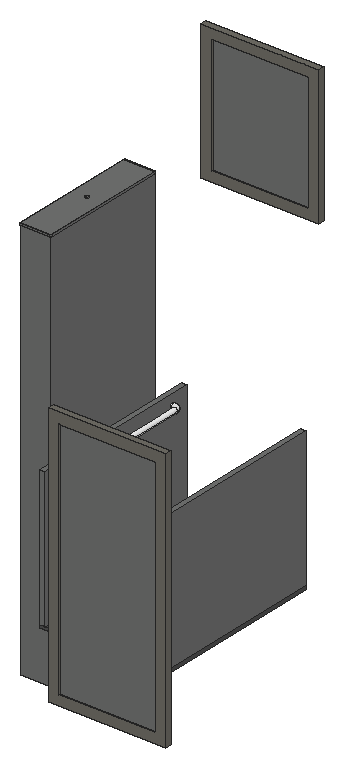
Revit family "Vertical-Lift_Garaventa_Genesis-Shaftway", category Specialty Equipment, Revit 2026
Family settings
  Round Connector Dimension = Use Diameter
  Part Type = Normal
  Classification Number = 23.50.05.11
  Work Plane-Based = No
  Enable Cutting in Views = No
  Always vertical = Yes
  Cut with Voids When Loaded = No
  Maintain Annotation Orientation = No
  Shared = No
  Room Calculation Point = No
Parameters
  Warranty Duration (Years) = 1
  Voltage_MEP [instance] = 120 V
  URL = "www.garaventa.ca"
  Style Door 35 [instance] = not(or(Style Door 41, F R Door 41, F R Door 35))  # yes
  Style Door 41 [instance] = no
  Specification = "http://www.arcat.com/sd/clients/garavent.html?coid=32685"
  SpecWizard = "http://www.arcat.com/specwizard/14425gar/index.htm?mf=&coid=32685"
  Side Wall [instance] = 16 Ga Galvanized Sheet Steel - Satin Gray
  Send Message = "http://admin.arcat.com/users.pl?action=UserEmail&company=Garaventa%20Lift&coid=32685&rep=133&fax=604-594-9915&mf="
  Sales Information = "http://architects.garaventa.ca/dealer/index.html"
  Product Properties = "http://www.arcat.com/bim/bim_info.pl?fn=Vertical-Lift_Garaventa_Genesis-Shaftway"
  Product Data = "http://www.arcat.com/arcatcos/cos32/arc32685.html"
  Pit Mount [instance] = no
  Pit Depth [instance] = if(Pit Mount, 3.000", 0.000")  # 0.000"
  Model = "As Specified in the Contract Documents"
  MasterFormat04 Keynote = "14 42 16"
  Mast [instance] = 16 Ga Galvanized Sheet Steel - Satin Gray
  Platform Base [instance] = Structural Steel - Black
  Panel Door [instance] = 16 Ga Galvanized Sheet Steel - Satin Gray
  Manufacturer's Notes = ""
  Manufacturer Website = "www.garaventa.ca"
  Manufacturer Phone - Toll Free = "800-663-6556"
  Manufacturer Phone = "604-594-0422 "
  Manufacturer Fax = "604-594-9915"
  Manufacturer Email = "tmorisset@garaventa.ca"
  Manufacturer Address = "P.O. Box 1769; Blaine; WA 98231-1769"
  Manufacturer = "Garaventa Lift"
  Maintenance Schedule (Months) = 0
  MEP Apparent Power [instance] = Voltage_MEP * MEP Amperage  # 2400 VA
  MEP Amperage [instance] = 20 A
  Lift Operation = "[10 fpm with Self-lubricating acme screw drive][17 fpm with Chain hydraulic]"
  Lift Height = 120.000"
  Keynote = "14425"
  Installation-Fabrication = "http://www.garaventa.ca/dsgn/Genesis_Vertical_Lift_Planning_Guide.pdf"
  Installation Phase = "Interior fixtures and fittings"
  Grab Rail [instance] = Chrome
  Framework [instance] = Extruded Aluminum - Champagne
  Frame Door [instance] = Extruded Aluminum - Champagne
  F R Door 41 [instance] = no
  F R Door 35 [instance] = no
  Expected Lifespan (Years) = 0
  Enclosure Panel [instance] = 16 Ga Galvanized Sheet Steel - Satin Gray
  Top Door [instance] = not(Top Gate)  # no
  Upp D Height [instance] = if(Top Gate, 42.125", 80.000")  # 42.125"
  R P [instance] = or([180º], [360ºAdj])  # yes
  R D Upp [instance] = or([90º], [360ºOpp])  # no
  Platform Width = 36.000"
  Platform Length = 54.000"
  Platform Height = 42.125"  # constant formula
  Platform Elevation [instance] = 20.000"
  Mast Height = 122.375"
  Half Door Width [instance] = Door Width / 2  # 17.8125"
  F D Low [instance] = or([90º], [180º], [360ºAdj])  # yes
  Top Gate [instance] = yes
  Drawn By = "Robert S. Weygant, CSI, CDT, SCIP"
  Door Width [instance] = if(F R Door 41, 41.625", if(Style Door 41, 41.125", 35.625"))  # 35.625"
  Low D Height = 80.000"  # constant formula
  Door Level [instance] = if(Pit Mount, 0.000", 3.000")  # 3.000"
  Door Center [instance] = Platform CL Dimension - (Shaftway Width / 2)  # 7.5625"
  Platform CL Dimension [instance] = if(or(Style Door 41, Style Door 35), CL Style Doors, CL F R Doors)  # 35.125"
  Shaftway Width = 55.125"
  Shaftway Length = 55.375"
  Description = "Vertical Wheelchair lift - Type as Specified in the Contract Documents"
  Default Elevation = 0.000"
  Copyright = "2009 ARCAT, Inc."
  Construction Details = "http://www.arcat.com/details/garavent/prod0608.html"
  Capacity (Weight) = 750.00 lbf
  CL Style Doors = 35.125"
  CL F R Doors = 40.000"
  Building Code Conformance = "[ASME A18.1; ASME A17.1; ASME A17.5; NFPA 70][CSA B355; CSA B44.1/ASME A17.5; CSA National Electrical Code]"
  B P [instance] = or([90º], [360ºOpp], [360ºAdj])  # no
  Assembly Code = "D1010310"
  ADA Compliant = yes
  90º = no
  360ºOpp = no
  360ºAdj = no
  180º = yes
Reference planes (in)
  plane 1 "Center (Front/Back)": y = 0
  plane 2 "Bottom Door": z = 3
  plane 3 "Center (Left/Right)": x = 0
  plane 4: y = 27
  plane 5: y = -27
  plane 6: x = -15.3125
  plane 7: x = 22.1875
  plane 8 "Right": x = 27.5625
  plane 9 "Left": x = -27.5625
  plane 10 "Back": y = 27.6875
  plane 11: x = -27.0625
  plane 12: x = 20.6875
  plane 13 "Platform Bottom": z = 20
  plane 14: z = 21
  plane 15 "Platform Top": z = 63.125
  plane 16: y = 25.5
  plane 17 "Front": y = -27.6875
  plane 18: x = -17.8125
  plane 19: y = -19.625
  plane 20: y = 19.625
  plane 21 "Top Mast": z = 122.375
  plane 22: y = -25.5
  plane 23: z = 122.875
  plane 24 "Grab Rail Level": z = 60
  plane 25 "Left Int": x = -13.8125
  plane 26: x = 25.375
  plane 27 "Top Low Door": z = 83
  plane 28: x = -10.25
  plane 29: x = -9.875
  plane 30: x = -8.89
  plane 31: x = -8.375
  plane 32 "Door Center": x = 7.5625
  plane 33: x = -7.125
  plane 34: x = 25
  plane 35: x = 24.015
  plane 36: x = 23.5
  plane 37: x = 22.25
  plane 38: y = 29.8125
  plane 39: y = 32.9375
  plane 40: y = 62.3125
  plane 41: y = 65.4375
  plane 42: y = 27.9375
  plane 43: y = -30.0625
  plane 44: y = -33.1875
  plane 45: y = -62.5625
  plane 46: y = -65.6875
  plane 47: y = -27.25
  plane 48: x = 7.5625
  plane 49: y = 10.125
  plane 50: y = -25.062
  plane 51: y = -24.062
  plane 52: y = -23.625
  plane 53: y = -22.375
  plane 54: y = 7
  plane 55: x = 29.93736
  plane 56: x = 33.06236
  plane 57: x = 62.43736
  plane 58: x = 65.56236
  plane 59: x = 28.06236
  plane 60 "Bottom Upp Level": z = 120
  plane 61: x = 28.49986
  plane 62: x = 29.49986
  plane 63: y = 28.3755
  plane 64: y = 29.3755
  plane 65 "Top Upp Door": z = 162.125
  plane 66: z = 0
  plane 67: y = -29.625
  plane 68 "Bottom": z = 0
  plane 69: x = -11.6125
  plane 70: y = -21.125
  plane 71: y = 21.125
  plane 72: y = -28.1875
  plane 73: y = -28.625
Forms (in)
  Extrusion 1, solid, material "Structural Steel - Black" <- "Platform Base"
    sketch origin (-7.8125, 5.625, 0) x (1, 0, 0) y (0, 1, 0)
      loop
        line (-7.5, 21.375) -> (-7.5, -32.625) -> (30, -32.625) -> (30, 21.375) -> (-7.5, 21.375)
    from 20 to 21
  Extrusion 2, solid, material "16 Ga Galvanized Sheet Steel - Satin Gray" <- "Side Wall"
    sketch origin (0, 0, 0) x (1, 0, 0) y (0, 1, 0)
      loop
        line (-13.8125, -27) -> (-13.8125, 27) -> (-15.3125, 27) -> (-15.3125, -27) -> (-13.8125, -27)
    from 21 to 63.125
  Extrusion 3, solid, material "16 Ga Galvanized Sheet Steel - Satin Gray" <- "Side Wall", visible <- "R P"
    sketch origin (0, 0, 0) x (-1, 0, 0) y (0, -1, 0)
      loop
        line (-20.6875, 27) -> (-22.1875, 27) -> (-22.1875, -27) -> (-20.6875, -27) -> (-20.6875, 27)
    from 21 to 63.125
  Extrusion 4, solid, material "16 Ga Galvanized Sheet Steel - Satin Gray" <- "Side Wall", visible <- "B P"
    sketch origin (0, 0, 0) x (1, 0, 0) y (0, 1, 0)
      loop
        line (-13.8125, 27) -> (-13.8125, 25.5) -> (20.6875, 25.5) -> (20.6875, 27) -> (-13.8125, 27)
    from 21 to 63.125
  Extrusion 5, solid, material "16 Ga Galvanized Sheet Steel - Satin Gray" <- "Mast"
    sketch origin (0, 0, 0) x (1, 0, 0) y (0, 1, 0)
      loop
        line (-27.0625, 19.625) -> (-27.0625, -19.625) -> (-17.8125, -19.625) -> (-17.8125, 19.625) -> (-27.0625, 19.625)
    from 0 to 122.875
  Extrusion 6, solid, material "16 Ga Galvanized Sheet Steel - Satin Gray" <- "Side Wall", visible <- "360ºOpp"
    sketch origin (0, -0.25, 0) x (1, 0, 0) y (0, 1, 0)
      loop
        line (-13.8125, -26.75) -> (20.6875, -26.75) -> (20.6875, -25.25) -> (-13.8125, -25.25) -> (-13.8125, -26.75)
    from 21 to 63.125
  Extrusion 7, solid, material "16 Ga Galvanized Sheet Steel - Satin Gray" <- "Mast"
    sketch origin (0, 0, 0) x (1, 0, 0) y (0, 1, 0)
      loop
        line (-27.0625, 19.825) -> (-27.0625, -19.825) -> (-18.0125, -19.825)
        arc (-18.0125, -19.825) -> (-17.72966, -19.70784) -> (-17.6125, -19.425) r 0.4
        line (-17.6125, -19.425) -> (-17.6125, 19.425)
        arc (-17.6125, 19.425) -> (-17.72966, 19.70784) -> (-18.0125, 19.825) r 0.4
        line (-18.0125, 19.825) -> (-27.0625, 19.825)
    from 122.875 to 122.375
  Revolve 8, solid, material "16 Ga Galvanized Sheet Steel - Satin Gray" <- "Mast"
    sketch origin (0, 0, 0) x (1, 0, 0) y (0, 0, 1)
      loop
        line (-22.5375, 122.375) -> (-22.3375, 122.375) -> (-22.3375, 122.625) -> (-22.0375, 122.625) -> (-22.0375, 122.9764) -> (-22.5375, 122.9764) -> (-22.5375, 122.375)
      axis (-22.5375, 122.9764) -> (-22.5375, 122.375)
    angle from 0 to 360
  Extrusion 9, solid, material "16 Ga Galvanized Sheet Steel - Satin Gray" <- "Panel Door", visible <- "F D Low"
    sketch origin (-2, -29.125, 0) x (-1, 0, 0) y (0, 0, 1)
      loop
        line (5.125, 6.125) -> (5.125, 79.875) -> (-24.25, 79.875) -> (-24.25, 6.125) -> (5.125, 6.125)
    from -0.5 to 0.5
  Extrusion 10, solid, material "16 Ga Galvanized Sheet Steel - Satin Gray" <- "Panel Door", visible <- "180º"
    sketch origin (139.48156, 33.6875, 3.125) x (1, 0, 0) y (0, 0, 1)
      loop
        line (-117.23156, 120) -> (-117.23156, 155.875) -> (-146.60656, 155.875) -> (-146.60656, 120) -> (-117.23156, 120)
    from 4.312 to 5.312
  Sweep 11, solid, material "Extruded Aluminum - Champagne" <- "Frame Door", visible <- "R D Upp"
    path origin (29.93736, 97.81196, 48) x (0, 1, 0) y (0, 0, 1)
      loop
        line (-123.31196, 72) -> (-87.68696, 72) -> (-87.68696, 114.125) -> (-123.31196, 114.125) -> (-123.31196, 72)
    profile origin (29.93736, -25.5, 141.0625) x (0, 1, 0) y (-1, 0, 0)
      loop
        line (0, 0) -> (3.125, 0) -> (3.125, 1.875) -> (0, 1.875) -> (0, 0)
  Extrusion 12, solid, material "16 Ga Galvanized Sheet Steel - Satin Gray" <- "Panel Door", visible <- "R D Upp"
    sketch origin (28.18736, -142.60656, -1.94307) x (0, -1, 0) y (0, 0, 1)
      loop
        line (-120.23156, 125.06807) -> (-120.23156, 160.94307) -> (-149.60656, 160.94307) -> (-149.60656, 125.06807) -> (-120.23156, 125.06807)
    from -1.3125 to -0.3125
  Sweep 13, solid, material "Extruded Aluminum - Champagne" <- "Frame Door", visible <- "180º"
    path origin (162.27395, 29.8125, 48) x (1, 0, 0) y (0, 0, 1)
      loop
        line (-172.52395, 72) -> (-136.89895, 72) -> (-136.89895, 114.125) -> (-172.52395, 114.125) -> (-172.52395, 72)
    profile origin (-10.25, 29.8125, 141.0625) x (-1, 0, 0) y (0, -1, 0)
      loop
        line (0, 0) -> (0, 1.875) -> (-3.125, 1.875) -> (-3.125, 0) -> (0, 0)
  Sweep 14, solid, material "Extruded Aluminum - Champagne" <- "Frame Door", visible <- "360ºOpp"
    path origin (29.93736, 97.81196, 41.5) x (0, 1, 0) y (0, 0, 1)
      loop
        line (-123.31196, -38.5) -> (-87.68696, -38.5) -> (-87.68696, 41.5) -> (-123.31196, 41.5) -> (-123.31196, -38.5)
    profile origin (29.93736, -25.5, 43) x (0, 1, 0) y (-1, 0, 0)
      loop
        line (0, 0) -> (3.125, 0) -> (3.125, 1.875) -> (0, 1.875) -> (0, 0)
  Extrusion 15, solid, material "16 Ga Galvanized Sheet Steel - Satin Gray" <- "Panel Door", visible <- "360ºOpp"
    sketch origin (28.18736, -142.60656, -11.44307) x (0, -1, 0) y (0, 0, 1)
      loop
        line (-120.23156, 17.56807) -> (-120.23156, 91.31807) -> (-149.60656, 91.31807) -> (-149.60656, 17.56807) -> (-120.23156, 17.56807)
    from -1.3125 to -0.3125
  Sweep 16, solid, material "Chrome" <- "Grab Rail"
    path origin (0, 0, 60) x (0, -1, 0) y (1, 0, 0)
      loop
        line (21.125, -13.8125) -> (21.125, -13.1125)
        arc (21.125, -13.1125) -> (20.68566, -12.05184) -> (19.625, -11.6125) r 1.5
        line (19.625, -11.6125) -> (-19.625, -11.6125)
        arc (-19.625, -11.6125) -> (-20.68566, -12.05184) -> (-21.125, -13.1125) r 1.5
        line (-21.125, -13.1125) -> (-21.125, -13.8125)
    profile origin (-13.4625, -21.125, 60) x (0, 1, 0) y (0, 0, 1)
      loop
        circle (0, 0) r 0.75
  Sweep 17, solid, material "Extruded Aluminum - Champagne" <- "Frame Door", visible <- "F D Low"
    path origin (0, 0, 0) x (1, 0, 0) y (0, 0, 1)
      loop
        line (-10.25, 83) -> (-10.25, 3) -> (25.375, 3) -> (25.375, 83) -> (-10.25, 83)
    profile origin (-10.25, 0, 43) x (0, -1, 0) y (1, 0, 0)
      loop
        line (28.1875, 3.125) -> (28.1875, 0) -> (30.0625, 0) -> (30.0625, 3.125) -> (28.1875, 3.125)
  Extrusion 18, solid, material "16 Ga Galvanized Sheet Steel - Satin Gray" <- "Panel Door", visible <- "360ºAdj"
    sketch origin (-2, -29.125, 87) x (-1, 0, 0) y (0, 0, 1)
      loop
        line (5.125, 36.125) -> (5.125, 72) -> (-24.25, 72) -> (-24.25, 36.125) -> (5.125, 36.125)
    from -0.5 to 0.5
  Sweep 19, solid, material "Extruded Aluminum - Champagne" <- "Frame Door", visible <- "360ºAdj"
    path origin (0, 0, 87) x (1, 0, 0) y (0, 0, 1)
      loop
        line (-10.25, 75.125) -> (-10.25, 33) -> (25.375, 33) -> (25.375, 75.125) -> (-10.25, 75.125)
    profile origin (-10.25, 0, 141.0625) x (0, -1, 0) y (1, 0, 0)
      loop
        line (28.1875, 3.125) -> (28.1875, 0) -> (30.0625, 0) -> (30.0625, 3.125) -> (28.1875, 3.125)
Lines and regions (in)
  symbolic lines, built-in parameter 1006206 <- "180º"
    curve 1: line (-10.25, -30.0625, 0) -> (-10.25, -33.1875, 0)
    curve 2: line (-8.375, -30.0625, 0) -> (-10.25, -30.0625, 0)
    curve 3: line (-8.89, -62.5625, 0) -> (-8.89, -33.1875, 0)
    curve 8: line (-10.25, -65.6875, 0) -> (-10.25, -62.5625, 0)
    curve 9: line (-8.375, -65.6875, 0) -> (-10.25, -65.6875, 0)
  symbolic lines
    curve 4: line (-8.375, -33.1875, 0) -> (-8.89, -33.1875, 0)
    curve 5: line (-9.875, -33.1875, 0) -> (-10.25, -33.1875, 0)
    curve 6: line (-9.875, -33.1875, 0) -> (-9.875, -62.5625, 0)
    curve 7: line (-8.375, -33.1875, 0) -> (-8.375, -30.0625, 0)
    curve 10: line (-8.375, -62.5625, 0) -> (-8.89, -62.5625, 0)
    curve 11: line (-9.875, -62.5625, 0) -> (-10.25, -62.5625, 0)
    curve 12: line (-8.375, -62.5625, 0) -> (-8.375, -65.6875, 0)
    curve 13: arc (-8.375, -65.6875, 0) -> (15.61161, -54.61232, 0) -> (25.375, -30.0625, 0) r 35.62676
  symbolic lines, visible <- "180º", built-in parameter 1006206 <- "180º"
    curve 14: line (25.375, 29.8125, 0) -> (25.375, 32.9375, 0)
    curve 15: line (23.5, 29.8125, 0) -> (25.375, 29.8125, 0)
    curve 16: line (24.015, 62.3125, 0) -> (24.015, 32.9375, 0)
    curve 21: line (25.375, 65.4375, 0) -> (25.375, 62.3125, 0)
    curve 22: line (23.5, 65.4375, 0) -> (25.375, 65.4375, 0)
  symbolic lines, visible <- "180º"
    curve 17: line (23.5, 32.9375, 0) -> (24.015, 32.9375, 0)
    curve 18: line (25, 32.9375, 0) -> (25.375, 32.9375, 0)
    curve 19: line (25, 32.9375, 0) -> (25, 62.3125, 0)
    curve 20: line (23.5, 32.9375, 0) -> (23.5, 29.8125, 0)
    curve 23: line (23.5, 62.3125, 0) -> (24.015, 62.3125, 0)
    curve 24: line (25, 62.3125, 0) -> (25.375, 62.3125, 0)
    curve 25: line (23.5, 62.3125, 0) -> (23.5, 65.4375, 0)
    curve 26: arc (23.5, 65.4375, 0) -> (-0.48661, 54.36232, 0) -> (-10.25, 29.8125, 0) r 35.62676
  symbolic lines, visible <- "90º", built-in parameter 1006206 <- "180º"
    curve 27: line (29.93736, -25.5, 0) -> (33.06236, -25.5, 0)
    curve 28: line (29.93736, -23.625, 0) -> (29.93736, -25.5, 0)
    curve 29: line (62.43736, -24.062, 0) -> (33.06236, -24.062, 0)
    curve 34: line (65.56236, -25.5, 0) -> (62.43736, -25.5, 0)
    curve 35: line (65.56236, -23.625, 0) -> (65.56236, -25.5, 0)
  symbolic lines, visible <- "90º"
    curve 30: line (33.06236, -23.625, 0) -> (33.06236, -24.062, 0)
    curve 31: line (33.06236, -25.062, 0) -> (33.06236, -25.5, 0)
    curve 32: line (33.06236, -25.062, 0) -> (62.43736, -25.062, 0)
    curve 33: line (33.06236, -23.625, 0) -> (29.93736, -23.625, 0)
    curve 36: line (62.43736, -23.625, 0) -> (62.43736, -24.062, 0)
    curve 37: line (62.43736, -25.062, 0) -> (62.43736, -25.5, 0)
    curve 38: line (62.43736, -23.625, 0) -> (65.56236, -23.625, 0)
    curve 39: arc (65.56236, -23.625, 0) -> (54.48718, 0.36161, 0) -> (29.93736, 10.125, 0) r 35.62676
Dimensions and locks (in)
  "Platform Width": plane 25 "Left Int" to plane 7
  "Shaftway Width": plane 9 "Left" to plane 8 "Right"
  locked: plane 9 "Left" to plane 11 at 0.5
  locked: plane 11 to plane 25 "Left Int" at 13.25
  equal spacing: plane 9 "Left", plane 3 "Center (Left/Right)", plane 8 "Right"
  "Platform Height": plane 15 "Platform Top" to plane 14
  "Platform Elevation": plane 13 "Platform Bottom" to level
  "Platform Length": plane 4 to plane 5
  locked: plane 4 to plane 16 at 1.5
  locked: plane 12 to plane 7 at 1.5
  equal spacing: plane 4, plane 1 "Center (Front/Back)", plane 5
  "Shaftway Length": plane 17 "Front" to plane 10 "Back"
  equal spacing: plane 17 "Front", plane 1 "Center (Front/Back)", plane 10 "Back"
  equal spacing: plane 20, plane 1 "Center (Front/Back)", plane 19, locked at 19.625 each
  locked: plane 11 to plane 18 at 9.25
  "Mast Height": plane 21 "Top Mast" to plane 68 "Bottom"
  locked: plane 5 to plane 22 at 1.5
  locked: plane 23 to plane 21 "Top Mast" at 0.5
  locked: plane 24 "Grab Rail Level" to plane 14 at 39
  locked: plane 14 to plane 13 "Platform Bottom" at 1
  "Low D Height": plane 27 "Top Low Door" to plane 2 "Bottom Door"
  "Door Level": plane 2 "Bottom Door" to level
  "Door Width": plane 28 to plane 26
  "Half Door Width": plane 32 "Door Center" to plane 26
  plane 28 to plane 29 to plane 30 to plane 31 to plane 33 = 0.375" locked, 0.985" locked, 0.515" locked, 1.250" locked
  plane 37 to plane 36 to plane 35 to plane 34 to plane 26 = 1.250" locked, 0.515" locked, 0.985" locked, 0.375" locked
  "Door Center": plane 3 "Center (Left/Right)" to plane 32 "Door Center"
  plane 38 to plane 42 = 1.875"
  "Door Width": plane 38 to plane 41
  locked: plane 38 to plane 39 at 3.125
  locked: plane 40 to plane 41 at 3.125
  "Door Width": plane 43 to plane 46
  locked: plane 43 to plane 44 at 3.125
  locked: plane 45 to plane 46 at 3.125
  "Platform CL Dimension": plane 9 "Left" to plane 48
  locked: plane 55 to plane 59 at 1.875
  "Door Width": plane 55 to plane 58
  locked: plane 55 to plane 56 at 3.125
  locked: plane 57 to plane 58 at 3.125
  locked: plane 8 "Right" to plane 59 at 0.49986
  plane 10 "Back" to plane 42 = 0.250"
  plane 42 to plane 38 = 1.875"
  plane 59 to plane 61 to plane 62 to plane 55 = 0.4375", 1.000", 0.4375"
  plane 42 to plane 63 to plane 64 to plane 38 = 0.438", 1.000", 0.437"
  "Pit Depth": plane 66 to plane 68 "Bottom"
  locked: plane 6 to plane 25 "Left Int" at 1.5
  locked: plane 25 "Left Int" to plane 69 at 2.2
  locked: plane 19 to plane 70 at 1.5
  locked: plane 20 to plane 71 at 1.5
  locked: plane 22 to plane 52 at 1.875
  plane 22 to plane 50 to plane 51 to plane 52 = 0.438", 1.000", 0.437"
  "Door Width": plane 22 to plane 49
  locked: plane 49 to plane 54 at 3.125
  locked: plane 22 to plane 53 at 3.125
  locked: plane 17 "Front" to plane 72 at 0.5
  locked: plane 72 to plane 43 at 1.875
  plane 72 to plane 73 to plane 67 to plane 43 = 0.4375", 1.000", 0.4375"
  "Lift Height": plane 60 "Bottom Upp Level" to plane 66
  "Upp D Height": plane 65 "Top Upp Door" to plane 60 "Bottom Upp Level"
  aligned and locked: plane 6 to Extrusion 1 sketch curve
  aligned and locked: Extrusion 1 sketch curve to plane 4
  aligned and locked: plane 5 to Extrusion 1 sketch curve
  aligned and locked: plane 7 to Extrusion 1 sketch curve
  aligned and locked: Extrusion 1 to plane 14
  aligned and locked: plane 13 "Platform Bottom" to Extrusion 1
  aligned and locked: Extrusion 2 sketch curve to plane 4
  aligned and locked: plane 6 to Extrusion 2 sketch curve
  aligned and locked: Extrusion 2 sketch curve to plane 5
  aligned and locked: Extrusion 3 to plane 7
  aligned and locked: plane 5 to Extrusion 3
  aligned and locked: plane 4 to Extrusion 3
  aligned and locked: Extrusion 4 sketch curve to plane 4
  aligned and locked: plane 12 to Extrusion 4 sketch curve
  aligned and locked: plane 16 to Extrusion 4 sketch curve
  aligned and locked: Extrusion 4 to plane 15 "Platform Top"
  aligned and locked: Extrusion 2 to plane 15 "Platform Top"
  aligned and locked: Extrusion 3 to plane 15 "Platform Top"
  aligned and locked: plane 14 to Extrusion 4
  aligned and locked: plane 14 to Extrusion 3
  aligned and locked: plane 14 to Extrusion 2
  aligned and locked: plane 20 to Extrusion 5 sketch curve
  aligned and locked: plane 19 to Extrusion 5 sketch curve
  aligned and locked: Extrusion 5 sketch curve to plane 18
  aligned and locked: plane 11 to Extrusion 5 sketch curve
  aligned and locked: plane 5 to Extrusion 6
  aligned and locked: Extrusion 6 to plane 12
  aligned and locked: plane 14 to Extrusion 6
  aligned and locked: Extrusion 6 to plane 15 "Platform Top"
  aligned and locked: plane 21 "Top Mast" to Extrusion 7
  aligned and locked: Extrusion 7 to plane 23
  aligned and locked: plane 23 to Extrusion 5
  aligned and locked: plane 21 "Top Mast" to Revolve 8
  aligned and locked: Extrusion 9 to plane 33
  aligned and locked: Extrusion 9 to plane 37
  aligned and locked: curve 1 to plane 28
  aligned and locked: plane 31 to curve 7
  aligned and locked: plane 28 to curve 8
  aligned and locked: curve 12 to plane 31
  aligned and locked: plane 37 to Extrusion 9
  aligned and locked: plane 26 to curve 13
  aligned and locked: plane 30 to curve 3
  aligned and locked: curve 6 to plane 29
  aligned and locked: plane 35 to curve 16
  aligned and locked: plane 36 to curve 20
  aligned and locked: plane 26 to curve 14
  aligned and locked: plane 38 to curve 15
  aligned and locked: plane 37 to Extrusion 10
  aligned and locked: Extrusion 10 to plane 33
  aligned and locked: curve 22 to plane 41
  aligned and locked: curve 23 to plane 40
  aligned and locked: curve 24 to plane 40
  aligned and locked: curve 17 to plane 39
  aligned and locked: curve 18 to plane 39
  aligned and locked: plane 43 to curve 2
  aligned and locked: plane 44 to curve 5
  aligned and locked: plane 44 to curve 4
  aligned and locked: plane 45 to curve 11
  aligned and locked: plane 45 to curve 10
  aligned and locked: plane 46 to curve 13
  aligned and locked: plane 54 to Sweep 11  (x2)
  aligned and locked: plane 49 to Sweep 11
  aligned and locked: plane 53 to Sweep 11
  aligned and locked: plane 55 to curve 28
  aligned and locked: plane 56 to curve 30
  aligned and locked: plane 56 to curve 31
  aligned and locked: plane 51 to curve 29
  aligned and locked: curve 32 to plane 50
  aligned and locked: plane 57 to curve 36
  aligned and locked: plane 57 to curve 37
  aligned and locked: plane 58 to curve 35
  aligned and locked: curve 38 to plane 52
  aligned and locked: plane 49 to curve 39
  aligned and locked: Sweep 11 sketch curve to plane 60 "Bottom Upp Level"
  aligned and locked: plane 62 to Extrusion 12
  aligned and locked: plane 63 to Extrusion 10
  aligned and locked: Extrusion 10 to plane 64
  aligned and locked: Extrusion 12 to plane 61
  aligned and locked: Sweep 13 sketch curve to plane 26
  aligned and locked: Sweep 13 sketch curve to plane 28  (x2)
  aligned and locked: plane 65 "Top Upp Door" to Sweep 13 sketch curve
  aligned and locked: Extrusion 10 to Sweep 13  (x2)
  aligned and locked: level to plane 66
  aligned and locked: Sweep 14 sketch curve to plane 49
  aligned and locked: plane 33 to Sweep 13 sketch curve
  aligned and locked: Sweep 13 sketch curve to plane 38
  aligned and locked: Sweep 13 sketch curve to plane 42
  aligned and locked: Extrusion 9 to plane 67
  aligned and locked: Sweep 11 sketch curve to plane 49
  aligned and locked: Extrusion 12 to Sweep 11  (x2)
  aligned and locked: Extrusion 12 to plane 53
  aligned and locked: Extrusion 12 to plane 54
  aligned and locked: plane 61 to Extrusion 15
  aligned and locked: plane 62 to Extrusion 15
  aligned and locked: Extrusion 5 to plane 68 "Bottom"
  aligned and locked: plane 25 "Left Int" to Extrusion 2
  aligned and locked: plane 71 to Sweep 16 sketch curve
  aligned and locked: Sweep 16 sketch curve to plane 69
  aligned and locked: Sweep 16 sketch curve to plane 70
  aligned and locked: plane 25 "Left Int" to Sweep 16 sketch curve  (x2)
  aligned and locked: plane 20 to Sweep 16 sketch curve
  aligned and locked: plane 19 to Sweep 16 sketch curve
  aligned and locked: curve 34 to plane 22
  aligned and locked: plane 22 to curve 27
  aligned and locked: Sweep 11 sketch curve to plane 53
  aligned and locked: Sweep 11 sketch curve to plane 59
  aligned and locked: Sweep 11 sketch curve to plane 22
  aligned and locked: plane 55 to Sweep 11 sketch curve
  aligned and locked: Extrusion 15 to plane 61
  aligned and locked: Extrusion 15 to plane 62
  aligned and locked: plane 54 to Sweep 14
  aligned and locked: plane 73 to Extrusion 9
  aligned and locked: Sweep 17 sketch curve to plane 26
  aligned and locked: Sweep 17 sketch curve to plane 2 "Bottom Door"
  aligned and locked: Sweep 17 sketch curve to plane 28  (x2)
  aligned and locked: Sweep 17 sketch curve to plane 27 "Top Low Door"
  aligned and locked: plane 72 to Sweep 17 sketch curve
  aligned and locked: plane 33 to Sweep 17 sketch curve
  aligned and locked: Sweep 17 sketch curve to plane 43
  aligned and locked: plane 27 "Top Low Door" to Sweep 14 sketch curve
  aligned and locked: Sweep 14 sketch curve to plane 2 "Bottom Door"
  aligned and locked: Sweep 14 sketch curve to plane 22
  aligned and locked: Extrusion 15 to plane 53
  aligned and locked: Extrusion 15 to Sweep 14  (x2)
  aligned and locked: Extrusion 15 to plane 54
  aligned and locked: Sweep 11 to plane 60 "Bottom Upp Level"
  aligned and locked: Sweep 11 to plane 65 "Top Upp Door"
  aligned and locked: Sweep 19 to plane 60 "Bottom Upp Level"
  aligned and locked: Sweep 19 to plane 65 "Top Upp Door"
  aligned and locked: Sweep 13 to plane 65 "Top Upp Door"
  aligned and locked: Sweep 13 to plane 60 "Bottom Upp Level"
  aligned and locked: Sweep 19 to plane 28
  aligned and locked: plane 33 to Sweep 19
  aligned and locked: Sweep 19 to plane 37
  aligned and locked: plane 26 to Sweep 19
  aligned and locked: plane 60 "Bottom Upp Level" to Sweep 19  (x2)
  aligned and locked: Extrusion 6 to plane 25 "Left Int"
  aligned and locked: Extrusion 4 to plane 25 "Left Int"
  aligned and locked: Extrusion 4 to plane 12
Automatic sketch dimensions
  curve 26 to plane 28 = 0.000"
  curve 26 to plane 36 = 0.000"
  curve 18 to plane 34 = 0.000"
  curve 21 to plane 26 = 0.000"
  curve 39 to plane 55 = 0.000"
  curve 13 to plane 43 = 0.000"
  curve 33 to plane 52 = 0.000"
  curve 26 to plane 38 = 0.000"
  curve 13 to plane 28 = 0.00173"
  plane 26 to curve 26 = 0.00173"
  plane 22 to curve 39 = 0.00173"
  Extrusion 2 sketch curve to plane 25 "Left Int" = 0.000"
  Extrusion 3 sketch curve to plane 5 = 0.000"
  Extrusion 3 sketch curve to plane 7 = 0.000"
  Extrusion 3 sketch curve to plane 4 = 0.000"
  Extrusion 3 sketch curve to plane 12 = 0.000"
  Extrusion 4 sketch curve to plane 30 = 4.9225"
  Extrusion 6 sketch curve to plane 22 = 0.000"
  Extrusion 6 sketch curve to plane 5 = 0.000"
  Extrusion 6 sketch curve to plane 12 = 0.000"
  plane 30 to Extrusion 6 sketch curve = 4.9225"
  Extrusion 7 sketch curve to plane 11 = 0.000"
  Extrusion 7 sketch curve to plane 18 = 0.200"  (x2)
  plane 18 to Extrusion 7 sketch curve = 0.200"
  Extrusion 7 sketch curve to plane 19 = 0.200"
  plane 20 to Extrusion 7 sketch curve = 0.200"
  Revolve 8 sketch curve to plane 21 "Top Mast" = 0.000"  (x2)
  plane 11 to Revolve 8 sketch curve = 4.525"
  Revolve 8 sketch curve to Revolve 8 sketch curve = 0.000"
  Revolve 8 sketch curve to Revolve 8 sketch curve = 0.200"
  plane 23 to Revolve 8 sketch curve = 0.1014"
  Revolve 8 sketch curve to Revolve 8 sketch curve = 0.300"
  plane 21 "Top Mast" to Revolve 8 sketch curve = 0.250"
  Revolve 8 sketch curve to Revolve 8 sketch curve = 0.1486"
  Extrusion 9 sketch curve to plane 37 = 0.000"
  Extrusion 9 sketch curve to plane 33 = 0.000"
  plane 2 "Bottom Door" to Extrusion 9 sketch curve = 3.125"
  plane 27 "Top Low Door" to Extrusion 9 sketch curve = 3.125"
  Extrusion 10 sketch curve to plane 33 = 0.000"
  Extrusion 10 sketch curve to plane 37 = 0.000"
  plane 60 "Bottom Upp Level" to Extrusion 10 sketch curve = 3.125"
  plane 65 "Top Upp Door" to Extrusion 10 sketch curve = 3.125"
  Sweep 11 sketch curve to plane 22 = 0.000"
  Sweep 11 sketch curve to plane 65 "Top Upp Door" = 0.000"
  Extrusion 12 sketch curve to plane 54 = 0.000"
  Extrusion 12 sketch curve to plane 53 = 0.000"
  plane 60 "Bottom Upp Level" to Extrusion 12 sketch curve = 3.125"
  plane 65 "Top Upp Door" to Extrusion 12 sketch curve = 3.125"
  Sweep 13 sketch curve to plane 60 "Bottom Upp Level" = 0.000"
  Sweep 14 sketch curve to profile plane = 0.000"
  Sweep 14 sketch curve to plane 55 = 0.000"
  Sweep 14 sketch curve to Sweep 14 sketch curve = 3.125"
  Sweep 14 sketch curve to Sweep 14 sketch curve = 1.875"
  Extrusion 15 sketch curve to plane 54 = 0.000"
  Extrusion 15 sketch curve to plane 53 = 0.000"
  plane 2 "Bottom Door" to Extrusion 15 sketch curve = 3.125"
  plane 27 "Top Low Door" to Extrusion 15 sketch curve = 3.125"
  Sweep 16 sketch curve to plane 24 "Grab Rail Level" = 0.000"
  Sweep 16 sketch curve to profile plane = 0.000"
  Extrusion 18 sketch curve to plane 37 = 0.000"
  Extrusion 18 sketch curve to plane 33 = 0.000"
  plane 60 "Bottom Upp Level" to Extrusion 18 sketch curve = 3.125"
  plane 65 "Top Upp Door" to Extrusion 18 sketch curve = 3.125"
  Sweep 19 sketch curve to plane 28 = 0.000"
  Sweep 19 sketch curve to plane 26 = 0.000"
  Sweep 19 sketch curve to plane 60 "Bottom Upp Level" = 0.000"
  Sweep 19 sketch curve to plane 65 "Top Upp Door" = 0.000"
  Sweep 19 sketch curve to profile plane = 0.000"
  plane 1 "Center (Front/Back)" to Sweep 19 sketch curve = 28.1875"
  Sweep 19 sketch curve to Sweep 19 sketch curve = 1.875"
  Sweep 19 sketch curve to Sweep 19 sketch curve = 3.125"
  radius of Sweep 16 sketch curve = 0.750"
Connectors (in)
  electrical at (-22.4375, 0, 0), driven by "Voltage_MEP", driven by "MEP Apparent Power", driven by "Description"
    settings: on Extrusion 5, index 1, voltage 120 V, apparent load 0 VA, apparent load phase1 2400 VA, apparent load phase2 0 VA, apparent load phase3 0 VA, power factor 1, load classification "Power", number of poles 1, system type 31, power factor state 1, is connector primary yes, connector utility no, sub classification motor no, connector description "Vertical Wheelchair lift - Type as Specified in the Contract Documents"
